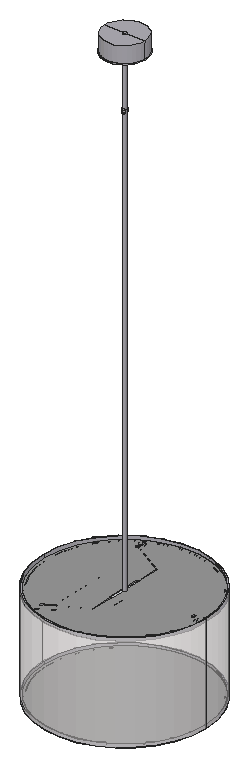
Revit family "Lighting - Lumetta - Pendant - P52314", category Lighting Fixtures, host Ceiling, Revit 2015
Parameters
  Wattage = 11.7117 W
  built-in parameter 1150110 = 1 (stored number, unit not read)
  URL = "https://lumetta.com/luminaires/drum-23-pendant/"
  Type Comments = "Drum 23'' Pendant"  # constant formula
  built-in parameter 1114217 = 1 (stored number, unit not read)
  Top Lens-Material [instance] = Acrylic - 2447 - White
  Top Lens [instance] = yes
  built-in parameter 1150109 = 1 (stored number, unit not read)
  built-in parameter 1150134 = (empty or 0)
  Suspension [instance] = 2
  built-in parameter 1150113 = 1 (stored number, unit not read)
  Stem Hung-ALL Lamping [instance] = Suspension = 2  # yes
  STD-NON_DIM [instance] = not([3-4-LED])  # yes
  Light Source Symbol Size = 0' - 1"
  Coupling-Stems Over 60 inches [instance] = and([Stem Hung-ALL Lamping], Fixture Drop > 5' 0")  # yes
  Model = "P52314"  # constant formula
  Manufacturer = "Lumetta, Inc."  # constant formula
  Lumens = 1300 lm
  built-in parameter 1150115 = 1 (stored number, unit not read)
  built-in parameter 1150105 = 103.45 (stored number, unit not read)
  built-in parameter 1150137 = (empty or 0)
  built-in parameter 1150139 = (empty or 0)
  built-in parameter 1150112 = 1 (stored number, unit not read)
  built-in parameter 1150114 = 1 (stored number, unit not read)
  built-in parameter 1150132 = 1
  built-in parameter 1150102 = (empty or 0)
  built-in parameter 1150138 = (empty or 0)
  built-in parameter 1150107 = 3000 (stored number, unit not read)
  built-in parameter 1150106 = 1.0345 (stored number, unit not read)
  Frame Finish [instance] = Paint - Lumetta - F02 - PC_Chrome
  Fixture Height [instance] = 1' - 2"
  Fixture Drop [instance] = 5' - 10"
  built-in parameter 1150104 = 10.312 (stored number, unit not read)
  Dimming Lamp Color Temperature Shift = (empty or 0)
  Diffuser Material [instance] = Shade - Lumetta - D61 - MT_White
  Description = ""
  Cord [instance] = Suspension = 1  # no
  Bottom Lens-Material [instance] = Acrylic - P95 - Etched White
  Bottom Lens [instance] = yes
  3-4-LED [instance] = and([3 or 4 Wire Dimming OR LED], Suspension = 1)  # no
  3 or 4 Wire Dimming OR LED [instance] = yes
  3 Cables [instance] = Suspension = 1  # no
  1CRD-3CBL-ALL Lamping [instance] = Suspension = 1  # no
  Cord Color [instance] = Cord, Black
  Color Filter = 16777215
  built-in parameter 1114218 = 1 (stored number, unit not read)
  built-in parameter 1150133 = 10 (stored number, unit not read)
Reference planes (in)
  plane 1 "Light Source Axis (F/B)": y = 0
  plane 2 "Ceiling": z = 96
  plane 3 "Light Source Axis (L/R)": x = 0
  plane 4 "Light Source Elevation": z = 23.5
  plane 5 "Fixture-Top": z = 26
  plane 6 "Fixture-OD": x = 11.5
  plane 7 "Fixture-Height": z = 12
  plane 8: through (0, 0, 0) normal (-0.5, -0.866, 0)
  plane 9: y = 0
  plane 10: through (0, 0, 0) normal (0.5, -0.866, 0)
  plane 11 "Plane-120": through (-5.75, 9.95929, 0) normal (0.5, -0.866, 0)
  plane 12 "Plane-240": through (-68.10383, 26.04071, 0) normal (0.5, 0.866, 0)
  plane 13: through (0, 0, 0) normal (-0.866, -0.5, 0)
  plane 14: through (0, 0, 0) normal (0.866, -0.5, 0)
Forms (in)
  Revolve 1, solid, material "Paint - Lumetta - F02 - PC_Chrome" <- "Frame Finish", visible <- "1CRD-3CBL-ALL Lamping"
    sketch origin (0, 0, 0) x (1, 0, 0) y (0, 0, 1)
      loop
        line (0, 96) -> (0, 95.4375) -> (3, 95.4375) -> (3, 95.5) -> (2.87509, 95.5) -> (2.87509, 96) -> (0, 96)
      axis (0, 96) -> (0, 95.4375)
    angle from 0 to 360
  Extrusion 2, void
    sketch origin (0, 0, 95.4375) x (0, -1, 0) y (1, 0, 0)
      loop
        circle (0, 0) r 0.25
      loop
        circle (0, 2.5) r 0.06274
      loop
        circle (-2.16506, -1.25) r 0.06274
      loop
        circle (2.16506, -1.25) r 0.06274
    from 0 to 0.06358
  Revolve 3, solid, material "Paint - Lumetta - F02 - PC_Chrome" <- "Frame Finish"
    sketch origin (0, 0, 0) x (1, 0, 0) y (0, 0, 1)
      loop
        line (11.5, 26) -> (11.43781, 26) -> (11.43781, 25.56373) -> (11.00031, 25.56373) -> (11.00031, 25.50123) -> (11.5, 25.50123) -> (11.5, 26)
      loop
        line (11.5, 12.50004) -> (11.43781, 12.50004) -> (11.43781, 12.06378) -> (11.00031, 12.06378) -> (11.00031, 12) -> (11.5, 12) -> (11.5, 12.50004)
      axis (0, 26) -> (0, 12)
    angle from 0 to 360
  Revolve 4, solid, material "Shade - Lumetta - D61 - MT_White" <- "Diffuser Material"
    sketch origin (0, 0, 0) x (1, 0, 0) y (0, 0, 1)
      loop
        line (11.5, 26) -> (11.5, 12) -> (11.56242, 12) -> (11.56242, 26) -> (11.5, 26)
      axis (0, 26) -> (0, 12)
    angle from 0 to 360
  Extrusion 5, solid, material "Paint - Lumetta - F02 - PC_Chrome" <- "Frame Finish", visible <- "Stem Hung-ALL Lamping"
    sketch origin (0, 0, 26) x (0, -1, 0) y (-1, 0, 0)
      loop
        circle (0, 0) r 0.25
    from 0.56254 to -70
  Revolve 6, solid, material "Paint - Lumetta - F02 - PC_Chrome" <- "Frame Finish", visible <- "Coupling-Stems Over 60 inches"
    sketch origin (0, 0, 0) x (1, 0, 0) y (0, 0, 1)
      loop
        line (0, 86.53023) -> (0, 86) -> (0.26233, 86)
        arc (0.26233, 86) -> (0.31307, 86.05074) -> (0.26233, 86.10149) r 0.05074
        arc (0.26233, 86.10149) -> (0.29304, 86.26499) -> (0.26243, 86.42851) r 0.45126
        arc (0.26243, 86.42851) -> (0.31329, 86.47937) -> (0.26243, 86.53023) r 0.05086
        line (0.26243, 86.53023) -> (0, 86.53023)
      axis (0, 86.53023) -> (0, 86)
    angle from 0 to 360
  Revolve 7, solid, material "Paint - Lumetta - F02 - PC_Chrome" <- "Frame Finish", visible <- "Stem Hung-ALL Lamping"
    sketch origin (0, 0, 0) x (1, 0, 0) y (0, 0, 1)
      loop
        line (0, 96) -> (0, 93.40625) -> (0.34988, 93.40625)
        arc (0.34988, 93.40625) -> (0.49124, 93.54417) -> (0.58115, 93.72) r 0.61026
        line (0.58115, 93.72) -> (3, 93.72) -> (3, 93.78) -> (2.875, 93.78) -> (2.875, 96) -> (0, 96)
      axis (0, 96) -> (0, 93.40625)
    angle from 0 to 360
  Extrusion 8, solid, material "Cord, Black" <- "Cord Color", visible <- "1CRD-3CBL-ALL Lamping"
    sketch origin (0, 0, 26) x (0, -1, 0) y (1, 0, 0)
      loop
        circle (0, 0) r 0.15674
    from -0.56254 to 70
  Extrusion 9, solid
    sketch origin (0, 0, 26) x (0, -1, 0) y (1, 0, 0)
      loop
        line (-0.5, 10.98559) -> (-0.5, 10.25) -> (0.5, 10.25) -> (0.5, 10.98559)
        arc (0.5, 10.98559) -> (0, 10.99696) -> (-0.5, 10.98559) r 10.99696
      loop
        circle (0, 10.5) r 0.11051
      loop
        arc (-9.7667, -5.06146) -> (-9.52654, -5.50015) -> (-9.2667, -5.92748) r 11.00031
        line (-9.2667, -5.92748) -> (-8.62676, -5.55801) -> (-9.12676, -4.69199) -> (-9.7667, -5.06146)
      loop
        circle (-9.09327, -5.25) r 0.10826
      loop
        arc (9.2638, -5.92581) -> (9.52365, -5.49848) -> (9.7638, -5.05978) r 10.99696
        line (9.7638, -5.05978) -> (9.12676, -4.69199) -> (8.62676, -5.55801) -> (9.2638, -5.92581)
      loop
        circle (9.09327, -5.25) r 0.10826
    from -0.43627 to -0.49877
  Extrusion 10, solid
    sketch origin (0, 0, 26) x (0, -1, 0) y (1, 0, 0)
      loop
        circle (0, 10.5) r 0.11051
      loop
        line (-0.76833, 10.73292) -> (-0.76833, 9.96921) -> (-9.05442, -4.38271) -> (-9.66082, -4.73282) -> (-8.91082, -6.03185) -> (-8.24943, -5.65) -> (8.32275, -5.65) -> (8.92915, -6.0001) -> (9.67915, -4.70107) -> (9.01776, -4.31921) -> (0.73167, 10.03271) -> (0.73167, 10.73292) -> (-0.76833, 10.73292)
      loop
        circle (0, 9.75) r 0.15796
      loop
        circle (-9.09327, -5.25) r 0.11051
      loop
        circle (-8.44375, -4.875) r 0.15796
      loop
        circle (9.09327, -5.25) r 0.11051
      loop
        circle (8.44375, -4.875) r 0.15796
      loop
        arc (6.48437, -3.9625) -> (6.67381, -3.85313) -> (6.67381, -3.63438) r 0.21875
        line (6.67381, -3.63438) -> (0.18944, 7.59687)
        arc (0.18944, 7.59687) -> (0, 7.70625) -> (-0.18944, 7.59687) r 0.21875
        line (-0.18944, 7.59687) -> (-6.67381, -3.63438)
        arc (-6.67381, -3.63438) -> (-6.67381, -3.85313) -> (-6.48437, -3.9625) r 0.21875
        line (-6.48437, -3.9625) -> (6.48437, -3.9625)
    from -0.5625 to -0.49877
  Sweep 11, solid, visible <- "1CRD-3CBL-ALL Lamping"
    path origin (0, 0, 0) x (1, 0, 0) y (0, 0, 1)
      loop
        line (2.5, 95.50108) -> (9.75, 25.50123)
    profile origin (6.125, 0, 60.50116) x (0.994679, 0, 0.103021) y (0, -1, 0)
      loop
        circle (0, 0) r 0.03083
  Sweep 12, solid, visible <- "1CRD-3CBL-ALL Lamping"
    path origin (0, 0, 0) x (-0.5, 0.866025, 0) y (0, 0, 1)
      loop
        line (2.5, 95.50108) -> (9.75, 25.50123)
    profile origin (-3.0625, 5.30441, 60.50116) x (-0.49734, 0.861417, 0.103021) y (0.866025, 0.5, 0)
      loop
        circle (0, 0) r 0.03083
  Sweep 13, solid, visible <- "1CRD-3CBL-ALL Lamping"
    path origin (0, 0, 0) x (-0.5, -0.866025, 0) y (0, 0, 1)
      loop
        line (2.5, 95.50108) -> (9.75, 25.50123)
    profile origin (-3.0625, -5.30441, 60.50116) x (-0.49734, -0.861417, 0.103021) y (-0.866025, 0.5, 0)
      loop
        circle (0, 0) r 0.03083
  Extrusion 14, solid, material "Acrylic - P95 - Etched White" <- "Bottom Lens-Material", visible <- "Bottom Lens"
    sketch origin (0, 0, 12) x (0, -1, 0) y (1, 0, 0)
      loop
        circle (0, 0) r 11.34375
    from 0.06378 to 0.1875
  Extrusion 15, solid
    sketch origin (0, 0, 26) x (0, -1, 0) y (1, 0, 0)
      loop
        line (-5.29719, -1.25) -> (5.29719, -1.25) -> (3.85381, 1.25) -> (-3.85381, 1.25) -> (-5.29719, -1.25)
      loop
        circle (0, 0) r 0.28281
    from -0.56254 to -0.49877
  Extrusion 16, solid, material "Acrylic - 2447 - White" <- "Top Lens-Material", visible <- "Top Lens"
    sketch origin (0, 0, 26) x (0, -1, 0) y (1, 0, 0)
      loop
        line (-2.50665, 0.05287) -> (-5.59142, 0.05287) -> (-8.30557, -4.64816)
        arc (-8.30557, -4.64816) -> (-8.63313, -5.06123) -> (-8.21462, -4.74064) r 0.26561
        line (-8.21462, -4.74064) -> (-5.51925, -0.07213) -> (-2.50665, -0.07213)
        arc (-2.50665, -0.07213) -> (-2.4132, -0.21734) -> (-2.25, -0.27378) r 0.26415
        line (-2.25, -0.27378) -> (2.25, -0.27378)
        arc (2.25, -0.27378) -> (2.41692, -0.21436) -> (2.50874, -0.06284) r 0.26415
        line (2.50874, -0.06284) -> (5.51389, -0.06284) -> (8.2155, -4.74217)
        arc (8.2155, -4.74217) -> (8.63236, -5.05984) -> (8.30633, -4.64949) r 0.26408
        line (8.30633, -4.64949) -> (5.58567, 0.06284) -> (2.50402, 0.06284)
        arc (2.50402, 0.06284) -> (2.40911, 0.20123) -> (2.25, 0.25453) r 0.26415
        line (2.25, 0.25453) -> (-2.25, 0.25453)
        arc (-2.25, 0.25453) -> (-2.4132, 0.19808) -> (-2.50665, 0.05287) r 0.26415
      loop
        circle (0, 9.75) r 0.26626
      loop
        circle (0, 0) r 11.34375
    from -0.43627 to -0.375
  Revolve 17, solid, material "Paint - Lumetta - F02 - PC_Chrome" <- "Frame Finish", visible <- "STD-NON_DIM"
    sketch origin (0, 0, 0) x (1, 0, 0) y (0, 0, 1)
      loop
        line (0, 95.4375) -> (0, 94.87435) -> (0.28215, 94.87435) -> (0.37481, 95.4375) -> (0, 95.4375)
      axis (0, 95.4375) -> (0, 94.87435)
    angle from 0 to 360
  Revolve 18, solid, material "Paint - Lumetta - F02 - PC_Chrome" <- "Frame Finish", visible <- "3-4-LED"
    sketch origin (0, 0, 0) x (1, 0, 0) y (0, 0, 1)
      loop
        line (0, 95.4375) -> (0, 95.3765) -> (0.37481, 95.3765) -> (0.37481, 95.4375) -> (0, 95.4375)
      axis (0, 95.4375) -> (0, 95.3765)
    angle from 0 to 360
Dimensions and locks (in)
  equal spacing: host sketch curve, plane 3 "Light Source Axis (L/R)", host sketch curve
  equal spacing: host sketch curve, plane 1 "Light Source Axis (F/B)", host sketch curve
  host sketch curve to host sketch curve = 10' - 0"  (x2)
  "Fixture Drop": plane 2 "Ceiling" to plane 5 "Fixture-Top"
  locked: plane 5 "Fixture-Top" to plane 4 "Light Source Elevation" at 2.5
  locked: plane 6 "Fixture-OD" to plane 3 "Light Source Axis (L/R)" at 11.5
  "Fixture Height": plane 5 "Fixture-Top" to plane 7 "Fixture-Height"
  locked: Extrusion 2 sketch curve to Extrusion 2 sketch curve at 2.5
  locked: plane 6 "Fixture-OD" to Revolve 3 sketch curve at 0.06219  (x2)
  locked: Revolve 4 sketch curve to plane 6 "Fixture-OD" at 0.06242
  locked: Revolve 3 to Revolve 4 at 0.06378
  locked: Extrusion 5 sketch curve to imposter light
  locked: Extrusion 5 sketch curve to imposter light at 0
  Revolve 6 sketch curve to Revolve 6 sketch curve = 0' - 0.15822"
  locked: Revolve 6 sketch curve to Revolve 4 at 60
  locked: Revolve 6 sketch curve to Revolve 6 sketch curve at 0.53023
  locked: Revolve 6 sketch curve to Revolve 6 sketch curve at 0.26243
  locked: Revolve 6 sketch curve to Revolve 6 sketch curve at 0.26233
  locked: Revolve 6 sketch curve to Revolve 6 sketch curve at 0.05074
  locked: Revolve 6 sketch curve to Revolve 6 sketch curve at 0.47937
  locked: Revolve 6 sketch curve to Revolve 6 sketch curve at 0.26512
  locked: Revolve 7 sketch curve to Revolve 7 sketch curve at 2.875
  locked: Revolve 7 sketch curve to Revolve 7 sketch curve at 0.31375
  locked: plane 5 "Fixture-Top" to Revolve 3 sketch curve at 0.49877
  locked: Revolve 3 sketch curve to Revolve 3 sketch curve at 0.0625
  locked: Revolve 3 sketch curve to plane 7 "Fixture-Height" at 0.50004
  locked: plane 6 "Fixture-OD" to Revolve 3 sketch curve at 0.49969
  locked: Revolve 1 sketch curve to Revolve 1 sketch curve at 0.0625
  locked: host ceiling to Revolve 1 sketch curve at 0.5625
  locked: Revolve 1 sketch curve to Revolve 1 sketch curve at 0.5625
  Revolve 1 sketch curve to Revolve 1 sketch curve = 0' - 2.87509"
  equal spacing: Extrusion 9 sketch curve, plane 1 "Light Source Axis (F/B)", Extrusion 9 sketch curve
  locked: Extrusion 9 sketch curve to plane 1 "Light Source Axis (F/B)" at 0.5
  locked: Extrusion 9 sketch curve to plane 6 "Fixture-OD" at 1
  locked: Extrusion 9 sketch curve to plane 6 "Fixture-OD" at 1.25
  locked: Extrusion 10 sketch curve to plane 6 "Fixture-OD" at 1
  locked: Extrusion 10 sketch curve to plane 6 "Fixture-OD" at 1.75
  locked: plane 10 to plane 11 "Plane-120" at 11.5
  locked: plane 12 "Plane-240" to plane 8 at 11.5
  locked: plane 11 "Plane-120" to Extrusion 9 sketch curve at 1.25
  locked: Extrusion 9 sketch curve to plane 11 "Plane-120" at 1
  locked: plane 12 "Plane-240" to Extrusion 9 sketch curve at 1.25
  locked: Extrusion 9 sketch curve to plane 12 "Plane-240" at 1
  locked: Extrusion 10 sketch curve to plane 11 "Plane-120" at 0.76708
  locked: Extrusion 10 sketch curve to plane 12 "Plane-240" at 0.76708
  locked: Extrusion 10 sketch curve to plane 6 "Fixture-OD" at 0.76708
  locked: Extrusion 10 sketch curve to plane 12 "Plane-240" at 1
  locked: Extrusion 10 sketch curve to plane 12 "Plane-240" at 1.75
  locked: Extrusion 10 sketch curve to plane 11 "Plane-120" at 1
  locked: Extrusion 10 sketch curve to plane 11 "Plane-120" at 1.75
  equal spacing: Extrusion 9 sketch curve, plane 13, Extrusion 9 sketch curve, locked at 0.5 each
  equal spacing: Extrusion 9 sketch curve, plane 14, Extrusion 9 sketch curve
  locked: plane 10 to Extrusion 2 sketch curve at 2.5
  locked: Extrusion 2 sketch curve to plane 8 at 2.5
  locked: Extrusion 10 sketch curve to Extrusion 10 sketch curve at 1.6875  (x3)
  locked: Extrusion 10 sketch curve to Extrusion 10 sketch curve at 1.5  (x3)
  locked: Extrusion 14 to plane 7 "Fixture-Height" at 0.1875
  plane 3 "Light Source Axis (L/R)" to Extrusion 15 sketch curve = 0' - 1 1/4"
  Extrusion 15 sketch curve to plane 3 "Light Source Axis (L/R)" = 0' - 1 1/4"
  locked: Extrusion 15 sketch curve to Extrusion 10 at 1.6875  (x2)
  locked: Extrusion 16 sketch curve to plane 9 at 2.25
  locked: Extrusion 16 sketch curve to plane 3 "Light Source Axis (L/R)" at 0.07213
  locked: plane 3 "Light Source Axis (L/R)" to Extrusion 16 sketch curve at 0.05287
  locked: plane 3 "Light Source Axis (L/R)" to Extrusion 16 sketch curve at 0.06284
  locked: Extrusion 16 sketch curve to plane 3 "Light Source Axis (L/R)" at 0.06284
  locked: Extrusion 16 sketch curve to plane 3 "Light Source Axis (L/R)" at 0.00963  (x2)
  locked: Extrusion 16 sketch curve to plane 11 "Plane-120" at 1.75
  locked: Extrusion 16 sketch curve to plane 12 "Plane-240" at 1.75
  locked: Extrusion 16 sketch curve to plane 6 "Fixture-OD" at 1.75
  locked: Extrusion 16 sketch curve to Extrusion 10 at 0.78125  (x2)
  locked: Extrusion 16 sketch curve to Extrusion 16 sketch curve at 0.125  (x2)
  Extrusion 16 to plane 3 "Light Source Axis (L/R)" = 0' - 0.07213"
  locked: plane 5 "Fixture-Top" to Extrusion 16 at 0.375
  locked: Revolve 1 sketch curve to Revolve 1 sketch curve at 3
  locked: Revolve 1 sketch curve to Revolve 1 sketch curve at 2.87509
  locked: Revolve 17 sketch curve to Revolve 17 sketch curve at 0.37481
  locked: Revolve 17 sketch curve to Revolve 17 sketch curve at 0.28215
  locked: Revolve 1 to Revolve 17 sketch curve at 0.56315
  locked: Revolve 1 to Revolve 18 sketch curve at 0.061
  locked: plane 3 "Light Source Axis (L/R)" to Revolve 18 sketch curve at 0.37481
  locked: Extrusion 14 sketch curve to Extrusion 14 sketch curve (radius 0' - 11 11/32")
  locked: Extrusion 16 sketch curve to Extrusion 16 sketch curve (radius 0' - 11 11/32")
  aligned and locked: plane 3 "Light Source Axis (L/R)" to imposter light
  aligned and locked: plane 1 "Light Source Axis (F/B)" to imposter light
  aligned and locked: plane 4 "Light Source Elevation" to imposter light
  aligned and locked: Revolve 4 sketch curve to plane 3 "Light Source Axis (L/R)"
  aligned and locked: Revolve 6 sketch curve to Revolve 6 sketch curve  (x2)
  aligned and locked: host ceiling to Extrusion 5
  aligned and locked: Extrusion 9 to Revolve 3
  aligned and locked: Revolve 3 to Extrusion 9
  aligned and locked: Extrusion 10 to Extrusion 9
  aligned and locked: Extrusion 9 sketch curve to Revolve 3
  aligned and locked: host ceiling to Extrusion 8
  aligned and locked: Extrusion 14 to Revolve 3
  aligned and locked: Extrusion 15 to Extrusion 5
  aligned and locked: Revolve 3 to Extrusion 15
  aligned and locked: Extrusion 16 sketch curve to Extrusion 16 sketch curve  (x2)
  aligned and locked: Extrusion 16 to Revolve 3
Automatic sketch dimensions
  Revolve 4 sketch curve to plane 6 "Fixture-OD" = 0' - 0"
  Revolve 4 sketch curve to plane 7 "Fixture-Height" = 0' - 0"
  Revolve 4 sketch curve to plane 5 "Fixture-Top" = 0' - 0"
  plane 7 "Fixture-Height" to Revolve 4 sketch curve = 0' - 1 1/4"
  Revolve 4 sketch curve to plane 5 "Fixture-Top" = 0' - 2 1/4"
  Revolve 6 sketch curve to plane 3 "Light Source Axis (L/R)" = 0' - 0"
  Revolve 6 sketch curve to Revolve 6 sketch curve = 0' - 11.34317"
  Revolve 7 sketch curve to plane 3 "Light Source Axis (L/R)" = 0' - 0"  (x3)
  Revolve 7 sketch curve to plane 2 "Ceiling" = 0' - 0"
  plane 3 "Light Source Axis (L/R)" to Revolve 7 sketch curve = 0' - 0.34988"
  Revolve 7 sketch curve to Revolve 7 sketch curve = 0' - 0.23126"
  Revolve 7 sketch curve to Revolve 7 sketch curve = 0' - 0 1/8"
  Revolve 7 sketch curve to plane 2 "Ceiling" = 0' - 2 3/32"
  Revolve 7 sketch curve to Revolve 7 sketch curve = 0' - 0.06"
  plane 2 "Ceiling" to Revolve 7 sketch curve = 0' - 1 3/4"
  Revolve 7 sketch curve to Revolve 7 sketch curve = 0' - 2 1/2"
  plane 1 "Light Source Axis (F/B)" to Extrusion 8 sketch curve = 0' - 0"
  Extrusion 8 sketch curve to plane 3 "Light Source Axis (L/R)" = 0' - 0"
  Revolve 3 sketch curve to plane 3 "Light Source Axis (L/R)" = 0' - 0"
  Revolve 3 sketch curve to plane 7 "Fixture-Height" = 0' - 0"
  Revolve 3 sketch curve to plane 5 "Fixture-Top" = 0' - 0"
  Revolve 3 sketch curve to plane 6 "Fixture-OD" = 0' - 0"  (x2)
  Revolve 3 sketch curve to level = 0' - 10"
  Revolve 3 sketch curve to plane 2 "Ceiling" = 0' - 1"
  Revolve 3 sketch curve to Revolve 3 sketch curve = 0' - 0 7/16"
  Revolve 3 sketch curve to Revolve 3 sketch curve = 0' - 0.06378"
  Extrusion 9 sketch curve to Extrusion 9 sketch curve = 0' - 0"  (x2)
  plane 1 "Light Source Axis (F/B)" to Extrusion 9 sketch curve = 0' - 0"  (x2)
  Extrusion 9 sketch curve to Extrusion 9 sketch curve = 0' - 0.03349"  (x2)
  Extrusion 9 sketch curve to Extrusion 9 sketch curve = 0' - 0.17053"
  Extrusion 9 sketch curve to plane 6 "Fixture-OD" = 0' - 0.51441"
  Extrusion 9 sketch curve to plane 3 "Light Source Axis (L/R)" = 0' - 0"
  plane 14 to Extrusion 9 sketch curve = 0' - 0"
  plane 13 to Extrusion 9 sketch curve = 0' - 0"
  Extrusion 2 sketch curve to Revolve 1 = 0' - 0"
  Extrusion 2 sketch curve to Extrusion 2 sketch curve = 0' - 1 1/4"  (x2)
  Sweep 11 sketch curve to plane 2 "Ceiling" = 0' - 0.49892"
  plane 3 "Light Source Axis (L/R)" to Sweep 11 sketch curve = 0' - 2 1/2"
  plane 5 "Fixture-Top" to Sweep 11 sketch curve = 0' - 0.49877"
  Sweep 11 sketch curve to plane 6 "Fixture-OD" = 0' - 1 3/4"
  Sweep 11 sketch curve to plane 1 "Light Source Axis (F/B)" = 0' - 0"
  Sweep 11 sketch curve to profile plane = 0' - 0"
  Sweep 12 sketch curve to plane 2 "Ceiling" = 0' - 0.49892"
  Sweep 12 sketch curve to plane 10 = 0' - 2 1/2"
  plane 5 "Fixture-Top" to Sweep 12 sketch curve = 0' - 0.49877"
  plane 11 "Plane-120" to Sweep 12 sketch curve = 0' - 1 3/4"
  Sweep 12 sketch curve to profile plane = 0' - 0"
  profile plane to Sweep 12 sketch curve = 0' - 0"
  Sweep 13 sketch curve to plane 2 "Ceiling" = 0' - 0.49892"
  plane 8 to Sweep 13 sketch curve = 0' - 2 1/2"
  plane 5 "Fixture-Top" to Sweep 13 sketch curve = 0' - 0.49877"
  plane 12 "Plane-240" to Sweep 13 sketch curve = 0' - 1 3/4"
  profile plane to Sweep 13 sketch curve = 0' - 0"  (x2)
  plane 13 to Extrusion 10 sketch curve = 0' - 0"  (x3)
  plane 1 "Light Source Axis (F/B)" to Extrusion 10 sketch curve = 0' - 0"  (x3)
  plane 14 to Extrusion 10 sketch curve = 0' - 0"  (x2)
  Extrusion 10 sketch curve to plane 14 = 0' - 0"
  Extrusion 10 sketch curve to Extrusion 10 sketch curve = 0' - 0.18245"
  Extrusion 10 sketch curve to plane 1 "Light Source Axis (F/B)" = 0' - 0.18944"
  plane 1 "Light Source Axis (F/B)" to Extrusion 10 sketch curve = 0' - 0.18944"
  plane 1 "Light Source Axis (F/B)" to Extrusion 10 sketch curve = 0' - 0.73167"
  Extrusion 10 sketch curve to Extrusion 10 sketch curve = 0' - 0.121"
  Extrusion 10 sketch curve to Extrusion 10 sketch curve = 0' - 0 7/64"
  Extrusion 10 sketch curve to Extrusion 10 sketch curve = 0' - 1.95938"
  Extrusion 10 sketch curve to Extrusion 10 sketch curve = 0' - 0 7/32"
  Extrusion 10 sketch curve to Extrusion 10 sketch curve = 0' - 0.18944"  (x2)
  Extrusion 10 sketch curve to Extrusion 10 sketch curve = 0' - 0.6064"
  Extrusion 10 sketch curve to Extrusion 10 sketch curve = 0' - 0.66139"
  plane 1 "Light Source Axis (F/B)" to Extrusion 15 sketch curve = 0' - 0"
  Extrusion 15 sketch curve to plane 3 "Light Source Axis (L/R)" = 0' - 0"
  plane 1 "Light Source Axis (F/B)" to Extrusion 14 sketch curve = 0' - 0"
  Extrusion 14 sketch curve to plane 3 "Light Source Axis (L/R)" = 0' - 0"
  plane 13 to Extrusion 16 sketch curve = 0' - 0"
  plane 1 "Light Source Axis (F/B)" to Extrusion 16 sketch curve = 0' - 0"  (x2)
  plane 14 to Extrusion 16 sketch curve = 0' - 0"
  Extrusion 16 sketch curve to plane 3 "Light Source Axis (L/R)" = 0' - 0"
  plane 1 "Light Source Axis (F/B)" to Extrusion 16 sketch curve = 0' - 2 1/4"
  Extrusion 16 sketch curve to Extrusion 16 sketch curve = 0' - 0.25665"
  Extrusion 16 sketch curve to Extrusion 16 sketch curve = 0' - 0.13436"
  Extrusion 16 sketch curve to Extrusion 16 sketch curve = 0' - 0.09083"
  Revolve 1 sketch curve to plane 3 "Light Source Axis (L/R)" = 0' - 0"  (x2)
  Revolve 1 sketch curve to plane 5 "Fixture-Top" = 0' - 1 1/4"
  Revolve 1 sketch curve to Revolve 1 sketch curve = 0' - 9 3/4"
  Revolve 17 sketch curve to plane 3 "Light Source Axis (L/R)" = 0' - 0"  (x2)
  Revolve 17 sketch curve to plane 2 "Ceiling" = 0' - 0 9/16"
  Revolve 17 sketch curve to Revolve 17 sketch curve = 0' - 1.18685"
  plane 2 "Ceiling" to Revolve 17 sketch curve = 0' - 6 11/16"
  Revolve 18 sketch curve to plane 3 "Light Source Axis (L/R)" = 0' - 0"  (x2)
  Revolve 18 sketch curve to Revolve 18 sketch curve = 0' - 0.061"
  Revolve 18 sketch curve to Revolve 18 sketch curve = 0' - 0.82606"
  Revolve 18 sketch curve to plane 2 "Ceiling" = 0' - 0 1/4"
  radius of Extrusion 5 sketch curve = 0' - 0 1/4"
  radius of Extrusion 8 sketch curve = 0' - 0.15674"
  radius of Extrusion 9 sketch curve = 0' - 0.11051"
  radius of Extrusion 9 sketch curve = 0' - 0.10826"  (x2)
  radius of Extrusion 2 sketch curve = 0' - 0.06274"  (x3)
  radius of Sweep 11 sketch curve = 0' - 0.03083"
  radius of Sweep 12 sketch curve = 0' - 0.03083"
  radius of Sweep 13 sketch curve = 0' - 0.03083"
  radius of Extrusion 10 sketch curve = 0' - 0.11051"  (x3)
  radius of Extrusion 10 sketch curve = 0' - 0.15796"  (x3)
  radius of Extrusion 15 sketch curve = 0' - 0.28281"
  radius of Extrusion 16 sketch curve = 0' - 0.26626"
  radius of Extrusion 2 sketch curve to Revolve 1 = 0' - 2 3/4"
